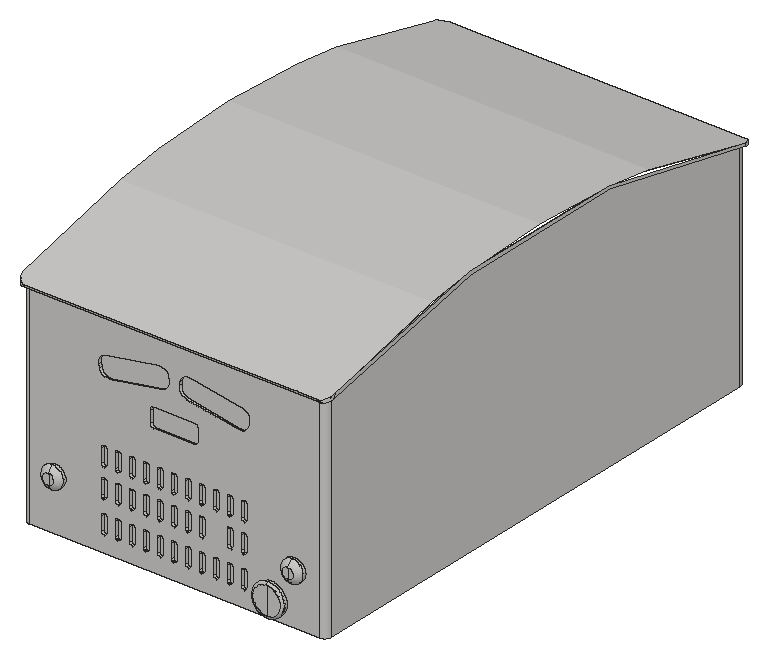
Revit family "PRD_AR_HndDrrs_STRATOSElectronicHandDryer_STR220", category Specialty Equipment, host Face, Revit 2020
Family settings
  Host = Face
  Round Connector Dimension = Use Diameter
  Part Type = Normal
  OmniClass Number = 23.40.20.21.14
  OmniClass Title = Hand and Hair Dryers
  Cut with Voids When Loaded = No
  Shared = No
  Room Calculation Point = No
Parameters (values of type "STR220")
  WarrantyStartDate [instance] = "1900-12-31T23:59:59"
  WarrantyGuarantorParts = "n/a"
  WarrantyGuarantorLabor = "n/a"
  WarrantyDurationUnit = "year"
  WarrantyDurationParts = "n/a"
  WarrantyDurationLabor = "n/a"
  WarrantyDescription = "n/a"
  Voltage = 240 V
  Version = "1"
  Uniclass2015Version = "Products v1.10"
  Uniclass2015Title = "Hand dryers"
  Uniclass2015Code = "Pr_40_70_62_37"
  URL = "www.kwc-professional.com"
  TypeOfOperation = "Sensor operation"
  TypeOfMounting = "Wall mounting"
  TypeOfFixing = "Screw"
  TotalPower = 1000 W
  TagNumber [instance] = "n/a"
  SustainabilityPerformance = "n/a"
  SoundLevel = "76.20 dB"
  Size = "156 x 267 x 130 mm"
  Shape = "n/a"
  SerialNumber [instance] = "n/a"
  Revision = "n/a"
  ReplacementCost = "n/a"
  RatedVoltage = "230-240 V"
  RatedCurrent = "0"
  ProductInformation = "http://pim.kwc.com/product/3600008862/attachment/datasheet?locale=en"
  PowerFactor = 1
  NumberOfPoles = "n/a"
  NominalWidth = 156 mm
  NominalHeight = 267 mm
  NominalFrequencyRange = "50-60 Hz"
  NominalDepth = 130 mm
  NetWeight = 4.30 kg
  Name = "STRATOS Electronic Hand Dryer STR220"
  NBSTypeID = "n/a"
  NBSReference = "45-35-72/334"
  NBSOfficeMasterTag = "n/a"
  NBSNote = "n/a"
  NBSDescription = "Hand dryers"
  NBSCertification = "n/a"
  MotorPower = 500 W
  ModelReference = "STR220"
  ModelNumber = "3600008862"
  Model = ModelReference  # "STR220"
  MaterialThickness = "1.50 mm"
  MaterialCode = "1.4301"
  Material = "Stainless steel"
  ManufacturerURL = "www.kwc-professional.com"
  ManufacturerName = "KWC Group Management AG"  # constant formula
  Manufacturer = ManufacturerName  # "KWC Group Management AG"
  LoadClassification = Other
  IntegralAccessories = "cable and plug not included"
  InsulationStandardClass = "n/a"
  InstallationDate [instance] = "1900-12-31T23:59:59"
  InputSupplyVoltageV = 220 V
  InputSupplyVoltageHz = 50 Hz
  IfcExportType = "HANDDRYER"
  IfcExportAs = "IfcElectricApplianceType"
  IP_Code = "IPX1"
  IK_Code = "n/a"
  HeatingPower = 500 W
  HasProtectiveEarth = "n/a"
  HandDryerMaterial = PRD_AR_StainlessSteel_SatinFinished
  GrossWeight = 4.50 kg
  Grade = "n/a"
  Finish = "satin finished"
  Features = "Stainless steel, surface satin finished"
  ExpectedLife = "n/a"
  DurationUnit = "year"
  Description = "STRATOS hand dryer for wall mounting, stainless steel, surface satin finished, material thickness 1.5 mm, curved front, with non-contact opto-electronically controlled proximity sensor, adjustable warm air temperature, adjustable sensor range from 10-25 cm, continuous operation protection with automatic switch-off after 60 seconds, adjustable air velocity, cable and plug provided by customer."
  Default Elevation = 850 mm
  CreatedOn = "09/2024"  # constant formula
  Constituents = "n/a"
  ConnectionVoltage = "230-240 V, 50-60 Hz"
  ConductorFunction = "n/a"
  Color = "n/a"
  CodePerformance = "n/a"
  Category = "Pr_40_70_62_37, Hand dryers"
  BlowerOutput = "80m³/h"
  BarCode [instance] = "n/a"
  BIMObjectName = "PRD_AR_HndDrrs_STRATOSElectronicHandDryer_STR220"
  Author = "Archispace"  # constant formula
  AssetType = "Fixed"
  AssetIdentifier [instance] = "n/a"
  AirVolume = 80.0 m³/h
  AirVelocity = "Adjustable, 95-115 m/s"
  AccessibilityPerformance = "n/a"
Reference planes
  plane 1 "Center (Front/Back)": y = 0
  plane 2: z = 0
  plane 3 "Center (Left/Right)": x = 0
  plane 4: x = 130
  plane 5: x = -130
Dimensions and locks
  aligned and locked: plane 2 to host face
  aligned and locked: level to host face
Nested families
  nested 1: "STRX220" at (-49.574, 0, 0) x (1, 0, 0) z (0, 1, 0), type "STRX220"
Connectors
  electrical at (-49.574, 0, 0), driven by "LoadClassification", driven by "Voltage", driven by "PowerFactor"
    settings: on nested 1, index 1, voltage 240 V, apparent load 0 VA, apparent load phase1 0 VA, apparent load phase2 0 VA, apparent load phase3 0 VA, power factor 1, load classification "Other", number of poles 1, system type 30, power factor state 1, is connector primary yes, connector utility no, sub classification motor no, connector description ""
Definition of nested family "STRX220"
  Parameters (values of type "Family1")
    Material = none
    Default Elevation = 1219.2 mm
  Reference planes
    plane 1 "Center (Front/Back)": y = 0
    plane 2: z = 0
    plane 3 "Center (Left/Right)": x = 0
  Forms (mm)
    Extrusion 1, solid, material <- "Material", detail levels fine
      sketch origin (0, 0, 0) x (0, 1, 0) y (0, 0, 1)
        loop
          line (0, 131.25) -> (-107.359, 131.25)
          arc (-107.359, 131.25) -> (-128.499, 0) -> (-107.359, -131.25) r 418
          line (-107.359, -131.25) -> (0, -131.25) -> (0, 131.25)
      from -76 to 76
    Extrusion 2, solid, material <- "Material", detail levels fine
      sketch origin (0, 0, 0) x (0, 1, 0) y (0, 0, 1)
        loop
          arc (-106.764, -133.035) -> (-128.499, -0.005) -> (-106.767, 133.026) r 418
          line (-106.767, 133.026) -> (-108.189, 133.503)
          arc (-108.189, 133.503) -> (-129.999, -0.005) -> (-108.186, -133.513) r 419.5
          line (-108.186, -133.513) -> (-106.764, -133.035)
      from -78 to 78
    Extrusion 3, void
      sketch origin (0, 0, 0) x (1, 0, 0) y (0, 0, 1)
        loop
          line (78, 133.503) -> (73, 133.503)
          arc (73, 133.503) -> (76.536, 132.039) -> (78, 128.503) r 5
          line (78, 128.503) -> (78, 133.503)
        loop
          line (-78, 133.503) -> (-78, 128.503)
          arc (-78, 128.503) -> (-76.536, 132.039) -> (-73, 133.503) r 5
          line (-73, 133.503) -> (-78, 133.503)
        loop
          line (78, -133.503) -> (78, -128.503)
          arc (78, -128.503) -> (76.536, -132.039) -> (73, -133.503) r 5
          line (73, -133.503) -> (78, -133.503)
        loop
          line (-78, -133.503) -> (-73, -133.503)
          arc (-73, -133.503) -> (-76.536, -132.039) -> (-78, -128.503) r 5
          line (-78, -128.503) -> (-78, -133.503)
      from 102.109 to 124.53
    Revolve 4, solid, material <- "Material", detail levels fine
      sketch origin (-60, 0, 0) x (0, 1, 0) y (0, 0, 1)
        loop
          line (-26, -131.25) -> (-26, -135.203) -> (-23.225, -135.203)
          arc (-23.225, -135.203) -> (-21.644, -134.129) -> (-20.45, -132.637) r 6.416
          line (-20.45, -132.637) -> (-20.45, -131.25) -> (-26, -131.25)
        axis (-26, -131.25) -> (-26, -135.203)
      angle from 0 to 360
    Revolve 5, solid, material <- "Material", detail levels fine
      sketch origin (60, 0, 0) x (0, 1, 0) y (0, 0, 1)
        loop
          line (-26, -131.25) -> (-26, -135.203) -> (-23.225, -135.203)
          arc (-23.225, -135.203) -> (-21.644, -134.129) -> (-20.45, -132.637) r 6.416
          line (-20.45, -132.637) -> (-20.45, -131.25) -> (-26, -131.25)
        axis (-26, -131.25) -> (-26, -135.203)
      angle from 0 to 360
    Revolve 6, solid, material <- "Material", detail levels fine
      sketch origin (48.217, 0, 0) x (0, 1, 0) y (0, 0, 1)
        loop
          line (-1, -131.25) -> (-9, -131.25) -> (-9, -133.75) -> (-2, -133.75)
          arc (-2, -133.75) -> (-1.293, -133.457) -> (-1, -132.75) r 1
          line (-1, -132.75) -> (-1, -131.25)
        axis (-9, -131.25) -> (-9, -133.75)
      angle from 0 to 360
    Extrusion 7, void
      sketch origin (0, 0, 0) x (1, 0, 0) y (0, 1, 0)
        loop
          arc (-36.5, -16.5) -> (-35, -18) -> (-33.5, -16.5) r 1.5
          line (-33.5, -16.5) -> (-33.5, -9.5)
          arc (-33.5, -9.5) -> (-35, -8) -> (-36.5, -9.5) r 1.5
          line (-36.5, -9.5) -> (-36.5, -16.5)
        loop
          arc (-29.5, -16.5) -> (-28, -18) -> (-26.5, -16.5) r 1.5
          line (-26.5, -16.5) -> (-26.5, -9.5)
          arc (-26.5, -9.5) -> (-28, -8) -> (-29.5, -9.5) r 1.5
          line (-29.5, -9.5) -> (-29.5, -16.5)
        loop
          arc (-22.5, -16.5) -> (-21, -18) -> (-19.5, -16.5) r 1.5
          line (-19.5, -16.5) -> (-19.5, -9.5)
          arc (-19.5, -9.5) -> (-21, -8) -> (-22.5, -9.5) r 1.5
          line (-22.5, -9.5) -> (-22.5, -16.5)
        loop
          arc (-15.5, -16.5) -> (-14, -18) -> (-12.5, -16.5) r 1.5
          line (-12.5, -16.5) -> (-12.5, -9.5)
          arc (-12.5, -9.5) -> (-14, -8) -> (-15.5, -9.5) r 1.5
          line (-15.5, -9.5) -> (-15.5, -16.5)
        loop
          arc (-8.5, -16.5) -> (-7, -18) -> (-5.5, -16.5) r 1.5
          line (-5.5, -16.5) -> (-5.5, -9.5)
          arc (-5.5, -9.5) -> (-7, -8) -> (-8.5, -9.5) r 1.5
          line (-8.5, -9.5) -> (-8.5, -16.5)
        loop
          arc (-1.5, -16.5) -> (0, -18) -> (1.5, -16.5) r 1.5
          line (1.5, -16.5) -> (1.5, -9.5)
          arc (1.5, -9.5) -> (0, -8) -> (-1.5, -9.5) r 1.5
          line (-1.5, -9.5) -> (-1.5, -16.5)
        loop
          arc (5.5, -16.5) -> (7, -18) -> (8.5, -16.5) r 1.5
          line (8.5, -16.5) -> (8.5, -9.5)
          arc (8.5, -9.5) -> (7, -8) -> (5.5, -9.5) r 1.5
          line (5.5, -9.5) -> (5.5, -16.5)
        loop
          arc (12.5, -16.5) -> (14, -18) -> (15.5, -16.5) r 1.5
          line (15.5, -16.5) -> (15.5, -9.5)
          arc (15.5, -9.5) -> (14, -8) -> (12.5, -9.5) r 1.5
          line (12.5, -9.5) -> (12.5, -16.5)
        loop
          arc (19.5, -16.5) -> (21, -18) -> (22.5, -16.5) r 1.5
          line (22.5, -16.5) -> (22.5, -9.5)
          arc (22.5, -9.5) -> (21, -8) -> (19.5, -9.5) r 1.5
          line (19.5, -9.5) -> (19.5, -16.5)
        loop
          arc (26.5, -16.5) -> (28, -18) -> (29.5, -16.5) r 1.5
          line (29.5, -16.5) -> (29.5, -9.5)
          arc (29.5, -9.5) -> (28, -8) -> (26.5, -9.5) r 1.5
          line (26.5, -9.5) -> (26.5, -16.5)
        loop
          arc (33.5, -16.5) -> (35, -18) -> (36.5, -16.5) r 1.5
          line (36.5, -16.5) -> (36.5, -9.5)
          arc (36.5, -9.5) -> (35, -8) -> (33.5, -9.5) r 1.5
          line (33.5, -9.5) -> (33.5, -16.5)
        loop
          arc (-36.5, -32.5) -> (-35, -34) -> (-33.5, -32.5) r 1.5
          line (-33.5, -32.5) -> (-33.5, -25.5)
          arc (-33.5, -25.5) -> (-35, -24) -> (-36.5, -25.5) r 1.5
          line (-36.5, -25.5) -> (-36.5, -32.5)
        loop
          arc (-29.5, -32.5) -> (-28, -34) -> (-26.5, -32.5) r 1.5
          line (-26.5, -32.5) -> (-26.5, -25.5)
          arc (-26.5, -25.5) -> (-28, -24) -> (-29.5, -25.5) r 1.5
          line (-29.5, -25.5) -> (-29.5, -32.5)
        loop
          arc (-22.5, -32.5) -> (-21, -34) -> (-19.5, -32.5) r 1.5
          line (-19.5, -32.5) -> (-19.5, -25.5)
          arc (-19.5, -25.5) -> (-21, -24) -> (-22.5, -25.5) r 1.5
          line (-22.5, -25.5) -> (-22.5, -32.5)
        loop
          arc (-15.5, -32.5) -> (-14, -34) -> (-12.5, -32.5) r 1.5
          line (-12.5, -32.5) -> (-12.5, -25.5)
          arc (-12.5, -25.5) -> (-14, -24) -> (-15.5, -25.5) r 1.5
          line (-15.5, -25.5) -> (-15.5, -32.5)
        loop
          arc (-8.5, -32.5) -> (-7, -34) -> (-5.5, -32.5) r 1.5
          line (-5.5, -32.5) -> (-5.5, -25.5)
          arc (-5.5, -25.5) -> (-7, -24) -> (-8.5, -25.5) r 1.5
          line (-8.5, -25.5) -> (-8.5, -32.5)
        loop
          arc (-1.5, -32.5) -> (0, -34) -> (1.5, -32.5) r 1.5
          line (1.5, -32.5) -> (1.5, -25.5)
          arc (1.5, -25.5) -> (0, -24) -> (-1.5, -25.5) r 1.5
          line (-1.5, -25.5) -> (-1.5, -32.5)
        loop
          arc (5.5, -32.5) -> (7, -34) -> (8.5, -32.5) r 1.5
          line (8.5, -32.5) -> (8.5, -25.5)
          arc (8.5, -25.5) -> (7, -24) -> (5.5, -25.5) r 1.5
          line (5.5, -25.5) -> (5.5, -32.5)
        loop
          arc (12.5, -32.5) -> (14, -34) -> (15.5, -32.5) r 1.5
          line (15.5, -32.5) -> (15.5, -25.5)
          arc (15.5, -25.5) -> (14, -24) -> (12.5, -25.5) r 1.5
          line (12.5, -25.5) -> (12.5, -32.5)
        loop
          arc (26.5, -32.5) -> (28, -34) -> (29.5, -32.5) r 1.5
          line (29.5, -32.5) -> (29.5, -25.5)
          arc (29.5, -25.5) -> (28, -24) -> (26.5, -25.5) r 1.5
          line (26.5, -25.5) -> (26.5, -32.5)
        loop
          arc (33.5, -32.5) -> (35, -34) -> (36.5, -32.5) r 1.5
          line (36.5, -32.5) -> (36.5, -25.5)
          arc (36.5, -25.5) -> (35, -24) -> (33.5, -25.5) r 1.5
          line (33.5, -25.5) -> (33.5, -32.5)
        loop
          arc (-36.5, -47) -> (-35, -48.5) -> (-33.5, -47) r 1.5
          line (-33.5, -47) -> (-33.5, -40)
          arc (-33.5, -40) -> (-35, -38.5) -> (-36.5, -40) r 1.5
          line (-36.5, -40) -> (-36.5, -47)
        loop
          arc (-29.5, -47) -> (-28, -48.5) -> (-26.5, -47) r 1.5
          line (-26.5, -47) -> (-26.5, -40)
          arc (-26.5, -40) -> (-28, -38.5) -> (-29.5, -40) r 1.5
          line (-29.5, -40) -> (-29.5, -47)
        loop
          arc (-22.5, -47) -> (-21, -48.5) -> (-19.5, -47) r 1.5
          line (-19.5, -47) -> (-19.5, -40)
          arc (-19.5, -40) -> (-21, -38.5) -> (-22.5, -40) r 1.5
          line (-22.5, -40) -> (-22.5, -47)
        loop
          arc (-15.5, -47) -> (-14, -48.5) -> (-12.5, -47) r 1.5
          line (-12.5, -47) -> (-12.5, -40)
          arc (-12.5, -40) -> (-14, -38.5) -> (-15.5, -40) r 1.5
          line (-15.5, -40) -> (-15.5, -47)
        loop
          arc (-8.5, -47) -> (-7, -48.5) -> (-5.5, -47) r 1.5
          line (-5.5, -47) -> (-5.5, -40)
          arc (-5.5, -40) -> (-7, -38.5) -> (-8.5, -40) r 1.5
          line (-8.5, -40) -> (-8.5, -47)
        loop
          arc (-1.5, -47) -> (0, -48.5) -> (1.5, -47) r 1.5
          line (1.5, -47) -> (1.5, -40)
          arc (1.5, -40) -> (0, -38.5) -> (-1.5, -40) r 1.5
          line (-1.5, -40) -> (-1.5, -47)
        loop
          arc (5.5, -47) -> (7, -48.5) -> (8.5, -47) r 1.5
          line (8.5, -47) -> (8.5, -40)
          arc (8.5, -40) -> (7, -38.5) -> (5.5, -40) r 1.5
          line (5.5, -40) -> (5.5, -47)
        loop
          arc (12.5, -47) -> (14, -48.5) -> (15.5, -47) r 1.5
          line (15.5, -47) -> (15.5, -40)
          arc (15.5, -40) -> (14, -38.5) -> (12.5, -40) r 1.5
          line (12.5, -40) -> (12.5, -47)
        loop
          arc (19.5, -47) -> (21, -48.5) -> (22.5, -47) r 1.5
          line (22.5, -47) -> (22.5, -40)
          arc (22.5, -40) -> (21, -38.5) -> (19.5, -40) r 1.5
          line (19.5, -40) -> (19.5, -47)
        loop
          arc (26.5, -47) -> (28, -48.5) -> (29.5, -47) r 1.5
          line (29.5, -47) -> (29.5, -40)
          arc (29.5, -40) -> (28, -38.5) -> (26.5, -40) r 1.5
          line (26.5, -40) -> (26.5, -47)
        loop
          arc (33.5, -47) -> (35, -48.5) -> (36.5, -47) r 1.5
          line (36.5, -47) -> (36.5, -40)
          arc (36.5, -40) -> (35, -38.5) -> (33.5, -40) r 1.5
          line (33.5, -40) -> (33.5, -47)
        loop
          arc (-32.276, -78.844) -> (-35.618, -79.585) -> (-37.457, -82.472) r 4.473
          line (-37.457, -82.472) -> (-37.752, -84.146)
          arc (-37.752, -84.146) -> (-37.007, -87.509) -> (-34.102, -89.359) r 4.5
          line (-34.102, -89.359) -> (-8.004, -93.96)
          arc (-8.004, -93.96) -> (-4.642, -93.214) -> (-2.791, -90.31) r 4.5
          line (-2.791, -90.31) -> (-2.501, -88.663)
          arc (-2.501, -88.663) -> (-3.247, -85.3) -> (-6.151, -83.45) r 4.5
          line (-6.151, -83.45) -> (-32.276, -78.844)
        loop
          line (32.276, -78.844) -> (6.151, -83.45)
          arc (6.151, -83.45) -> (3.247, -85.3) -> (2.501, -88.663) r 4.5
          line (2.501, -88.663) -> (2.791, -90.31)
          arc (2.791, -90.31) -> (4.642, -93.214) -> (8.004, -93.96) r 4.5
          line (8.004, -93.96) -> (34.102, -89.359)
          arc (34.102, -89.359) -> (37.007, -87.509) -> (37.752, -84.146) r 4.5
          line (37.752, -84.146) -> (37.457, -82.472)
          arc (37.457, -82.472) -> (35.618, -79.585) -> (32.276, -78.844) r 4.473
        loop
          arc (-10, -64.5) -> (-11.414, -65.086) -> (-12, -66.5) r 2
          line (-12, -66.5) -> (-12, -72.5)
          arc (-12, -72.5) -> (-11.414, -73.914) -> (-10, -74.5) r 2
          line (-10, -74.5) -> (10, -74.5)
          arc (10, -74.5) -> (11.414, -73.914) -> (12, -72.5) r 2
          line (12, -72.5) -> (12, -66.5)
          arc (12, -66.5) -> (11.414, -65.086) -> (10, -64.5) r 2
          line (10, -64.5) -> (-10, -64.5)
      from -135.203 to -130
    Extrusion 8, void
      sketch origin (0, 0, 0) x (1, 0, 0) y (0, 0, 1)
        loop
          line (-76, 131.25) -> (-76, 127.75)
          arc (-76, 127.75) -> (-74.975, 130.225) -> (-72.5, 131.25) r 3.5
          line (-72.5, 131.25) -> (-76, 131.25)
        loop
          line (76, 131.25) -> (72.5, 131.25)
          arc (72.5, 131.25) -> (74.975, 130.225) -> (76, 127.75) r 3.5
          line (76, 127.75) -> (76, 131.25)
        loop
          line (-76, -131.25) -> (-72.5, -131.25)
          arc (-72.5, -131.25) -> (-74.975, -130.225) -> (-76, -127.75) r 3.5
          line (-76, -127.75) -> (-76, -131.25)
        loop
          line (76, -131.25) -> (76, -127.75)
          arc (76, -127.75) -> (74.975, -130.225) -> (72.5, -131.25) r 3.5
          line (72.5, -131.25) -> (76, -131.25)
      from -14.999 to 140.78
    Extrusion 9, solid, material <- "Material", detail levels medium
      sketch origin (0, 0, 0) x (0, 1, 0) y (0, 0, 1)
        loop
          line (0, 131.25) -> (-107.359, 131.25)
          arc (-107.359, 131.25) -> (-128.499, 0) -> (-107.359, -131.25) r 418
          line (-107.359, -131.25) -> (0, -131.25) -> (0, 131.25)
      from -76 to 76
    Extrusion 10, solid, material <- "Material", detail levels medium
      sketch origin (0, 0, 0) x (0, 1, 0) y (0, 0, 1)
        loop
          arc (-106.764, -133.035) -> (-128.499, -0.005) -> (-106.767, 133.026) r 418
          line (-106.767, 133.026) -> (-108.189, 133.503)
          arc (-108.189, 133.503) -> (-129.999, -0.005) -> (-108.186, -133.513) r 419.5
          line (-108.186, -133.513) -> (-106.764, -133.035)
      from -78 to 78
    Extrusion 11, solid, material <- "Material", detail levels coarse
      sketch origin (0, 0, 0) x (0, 1, 0) y (0, 0, 1)
        loop
          line (0, -131.25) -> (0, 131.25) -> (-129.999, 131.25) -> (-129.999, -131.25) -> (0, -131.25)
      from -78 to 78
  Cuts and joins
    Extrusion 3 cuts Extrusion 2
    Extrusion 7, Extrusion 8 cuts Extrusion 1
  Dimensions and locks
    aligned and locked: level to plane 2
